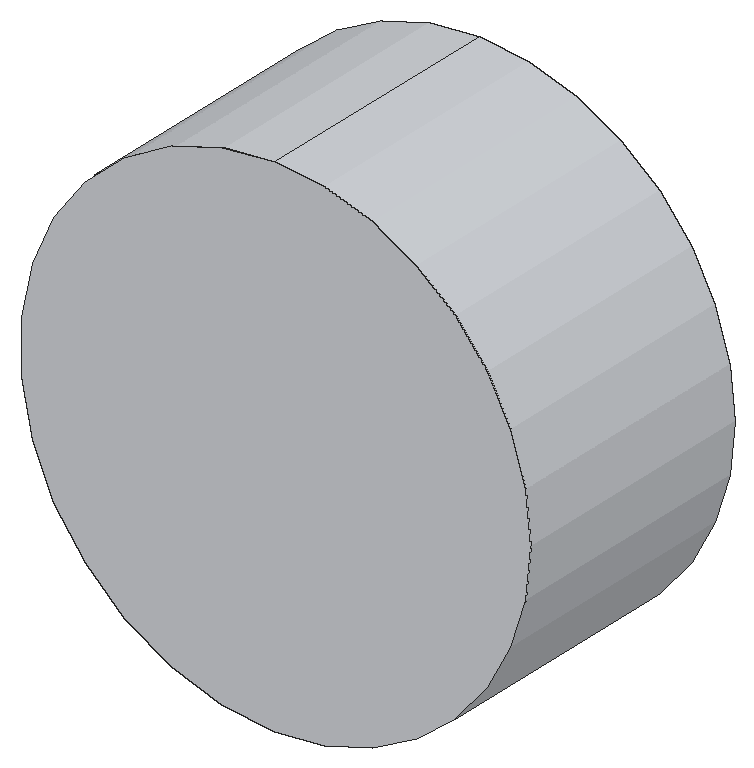
Revit family "MULBV411015", category Generic Models, Revit 2018
Family settings
  Can host rebar = No
  Round Connector Dimension = Use Diameter
  Part Type = Normal
  OmniClass Number = 23.60.30.14
  OmniClass Title = Ducting and Wireways for General Use
  Work Plane-Based = No
  Always vertical = Yes
  Cut with Voids When Loaded = No
  Shared = No
  Room Calculation Point = No
Parameters (values of type "Standard")
  URL = "https://trekput.nl/productPage.php?id=MULBV411015"
  Part Number = "MULBV411015"
  Model = "MULBV411015"
  Manufacturer = "PowerCast"
  Designer = "eugeneraaijmakers"
  Design Status = 1
  Description = "Mutiduct Bocht 4*110 Vericaal 15°"
  Date Created = "21-2-2025 21:06:00"
  Author = "eugeneraaijmakers"
Reference planes
  plane 1 "Center (Front/Back)": y = 0
  plane 2: z = 0
  plane 3 "Center (Left/Right)": x = 0
Forms (mm)
  Extrusion 1, solid
    sketch origin (0, 6.35, 0) x (0, 0, -1) y (1, 0, 0)
      loop
        circle (0, 0) r 3.048
    from 0 to -3.048
Dimensions and locks
  aligned and locked: level to plane 2
Connectors
  hvac at (0, 6.35, 0)
    settings: on Extrusion 1, index 1, duct flow 0.0 L/s, flow factor 0, pres drop 0.0 Pa, loss coef 0, conn angle 0.00°, conn width 304.8 mm, conn height 304.8 mm, conn diameter 609.6 mm, duct sys type 4, conn prof type 1, flow config 1, flow direction 1, loss method 0, conn ref index -1, conn util no, is conn primary yes, conn desc "Mutiduct Bocht 4*110 Vericaal 15°"
